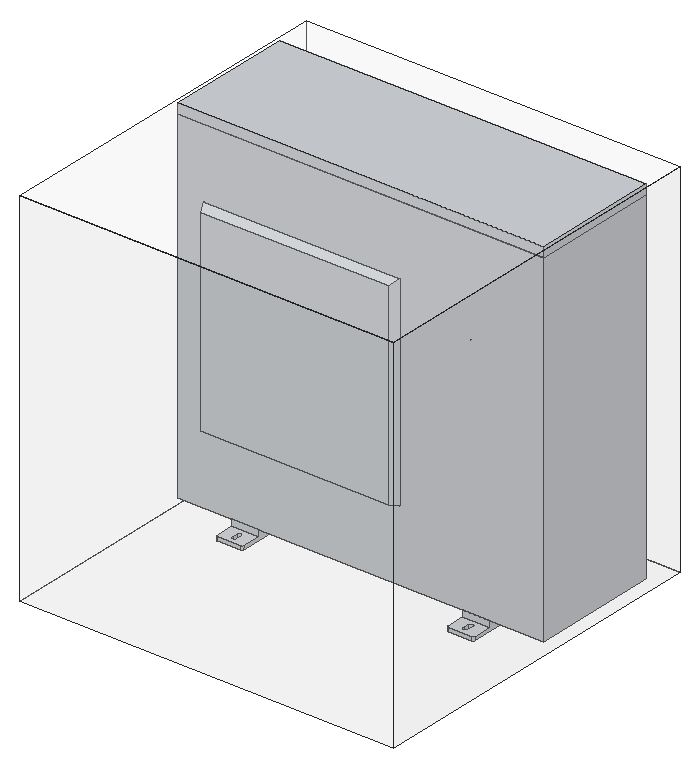
Revit family "puz-zrmp80hka15_280KA5_60hz", category 機械設備, Revit 2019 (continued)
Definition of nested family "PUZ-EZRMP-2"
  Automatic sketch dimensions
    curve 52 to plane 50 = 0 mm
    curve 51 to plane 50 = 0 mm
    curve 50 to plane 50 = 0 mm
    curve 49 to plane 50 = 0 mm
    curve 48 to plane 50 = 0 mm
    curve 47 to plane 50 = 0 mm
    curve 46 to plane 50 = 0 mm
    curve 45 to plane 50 = 0 mm
    curve 44 to plane 50 = 0 mm
    curve 43 to plane 50 = 0 mm
    curve 42 to plane 50 = 0 mm
    curve 41 to plane 50 = 0 mm
    curve 27 to plane 50 = 0 mm
    curve 28 to plane 50 = 0 mm
    curve 40 to plane 50 = 0 mm
    curve 39 to plane 50 = 0 mm
    curve 29 to plane 50 = 0 mm
    curve 38 to plane 50 = 0 mm
    curve 30 to plane 50 = 0 mm
    curve 53 to plane 50 = 0 mm
    curve 31 to plane 50 = 0 mm
    curve 36 to plane 50 = 0 mm
    curve 32 to plane 50 = 0 mm
    curve 35 to plane 50 = 0 mm
    curve 33 to plane 50 = 0 mm
    curve 34 to plane 50 = 0 mm
    curve 28 to plane 49 = 0 mm
    curve 41 to plane 49 = 0 mm
    curve 27 to plane 49 = 0 mm
    curve 42 to plane 49 = 0 mm
    curve 31 to plane 49 = 0 mm
    curve 40 to plane 49 = 0 mm
    curve 37 to plane 49 = 0 mm
    curve 39 to plane 49 = 0 mm
    curve 32 to plane 49 = 0 mm
    curve 45 to plane 49 = 0 mm
    curve 36 to plane 49 = 0 mm
    curve 46 to plane 49 = 0 mm
    curve 43 to plane 49 = 0 mm
    curve 47 to plane 49 = 0 mm
    curve 29 to plane 49 = 0 mm
    curve 48 to plane 49 = 0 mm
    curve 30 to plane 49 = 0 mm
    curve 49 to plane 49 = 0 mm
    curve 44 to plane 49 = 0 mm
    curve 50 to plane 49 = 0 mm
    curve 33 to plane 49 = 0 mm
    curve 51 to plane 49 = 0 mm
    curve 35 to plane 49 = 0 mm
    curve 52 to plane 49 = 0 mm
    curve 38 to plane 49 = 0 mm
    curve 53 to plane 49 = 0 mm
    curve 34 to plane 49 = 0 mm
    Extrusion 9 sketch curve to plane 18 = 0 mm  (x2)
    plane 8 to Extrusion 9 sketch curve = 0 mm
    plane 23 to Extrusion 9 sketch curve = 0 mm
    plane 22 to Extrusion 9 sketch curve = 0 mm  (x3)
    plane 16 to Extrusion 9 sketch curve = 0 mm  (x3)
    plane 17 to Extrusion 9 sketch curve = 0 mm  (x2)
    Extrusion 9 sketch curve to plane 15 = 0 mm  (x2)
    Extrusion 9 sketch curve to plane 19 = 0 mm  (x2)
    Extrusion 9 sketch curve to plane 14 = 0 mm  (x2)
    plane 7 to Extrusion 9 sketch curve = 0 mm
    Extrusion 9 sketch curve to Extrusion 9 sketch curve = 5 mm
    plane 15 to Extrusion 9 sketch curve = 6 mm  (x2)
    plane 19 to Extrusion 9 sketch curve = 5 mm
    Extrusion 9 sketch curve to plane 20 = 5 mm
    plane 14 to Extrusion 9 sketch curve = 6 mm  (x2)
    plane 21 to Extrusion 9 sketch curve = 5 mm
    plane 40 to Masking region 1 sketch curve = 0 mm
    plane 8 to Masking region 1 sketch curve = 0 mm  (x2)
    plane 7 to Masking region 1 sketch curve = 0 mm  (x2)
    curve 301 to plane 6 = 0 mm
    plane 52 to curve 8 = 0 mm
    plane 7 to curve 303 = 0 mm
    curve 304 to plane 18 = 0 mm
    curve 299 to plane 18 = 0 mm
    plane 8 to curve 297 = 0 mm
    curve 305 to plane 19 = 0 mm
    curve 298 to plane 19 = 0 mm
    curve 296 to plane 43 = 0 mm
    curve 295 to plane 48 = 0 mm
    curve 308 to plane 20 = 0 mm
    curve 291 to plane 21 = 11.98 mm
    curve 309 to plane 21 = 0 mm
    curve 290 to plane 47 = 0 mm
    curve 290 to plane 44 = 0 mm
    curve 288 to plane 5 = 0 mm
    plane 22 to curve 304 = 0 mm
    plane 22 to curve 308 = 0 mm
    plane 23 to curve 293 = 0 mm
    plane 23 to curve 298 = 0 mm
    curve 20 to plane 54 = 9 mm
    plane 66 to curve 316 = 4.5 mm
    curve 11 to plane 30 = 5 mm
    curve 11 to plane 66 = 10.5 mm
    curve 8 to curve 5 = 0 mm
    curve 12 to curve 6 = 0 mm
    curve 303 to plane 59 = 17.452 mm
    plane 15 to curve 297 = 2.486 mm
    curve 287 to plane 21 = 16.899 mm
    plane 47 to curve 297 = 22.809 mm
    plane 47 to curve 2 = 2 mm
    plane 31 to curve 9 = 5 mm
    curve 9 to curve 4 = 0 mm
    curve 16 to plane 47 = 13 mm
    plane 40 to Extrusion 9 sketch curve = 10 mm  (x2)
    curve 294 to plane 20 = 0 mm
    curve 293 to plane 21 = 0 mm
    plane 40 to curve 294 = 0 mm
    plane 47 to curve 1 = 2 mm
    curve 16 to curve 325 = 15 mm
Definition of nested family "固定点"
  Parameters (values of type "固定点")
    中心円 = if(W > 599 mm, 12 mm, 10 mm)  # 12 mm
    W = 1000 mm
    D = 1000 mm
  Reference planes
    plane 1 "中心(正面/背面)": y = 0
    plane 2: z = 0
    plane 3 "中心(左/右)": x = 0
    plane 4: x = 1000
    plane 5: y = 1000
  Lines and regions (mm)
    symbolic lines, detail levels fine
      curve 1: circle (0, 1000, 0) r 6 normal (0, 0, 1)
      curve 2: circle (0, 0, 0) r 6 normal (0, 0, 1)
      curve 3: circle (1000, 1000, 0) r 6 normal (0, 0, 1)
      curve 4: circle (1000, 0, 0) r 6 normal (0, 0, 1)
      curve 5: line (-200, 1000, 0) -> (1200, 1000, 0)
      curve 6: line (-200, 0, 0) -> (1200, 0, 0)
      curve 7: line (0, 1200, 0) -> (0, -200, 0)
      curve 8: line (1000, 1200, 0) -> (1000, -200, 0)
  Dimensions and locks
    "W": plane 3 "中心(左/右)" to plane 4
    "D": plane 1 "中心(正面/背面)" to plane 5
    "中心円": diameter of curve 1
    "中心円": diameter of curve 2
    "中心円": diameter of curve 3
    "中心円": diameter of curve 4
    aligned and locked: level to plane 2
    aligned and locked: plane 5 to curve 1
    aligned and locked: plane 3 "中心(左/右)" to curve 1
    aligned and locked: plane 3 "中心(左/右)" to curve 2
    aligned and locked: plane 1 "中心(正面/背面)" to curve 2
    aligned and locked: plane 4 to curve 3
    aligned and locked: plane 5 to curve 3
    aligned and locked: plane 1 "中心(正面/背面)" to curve 4
    aligned and locked: plane 4 to curve 4
    aligned and locked: plane 1 "中心(正面/背面)" to curve 6
    aligned and locked: curve 7 to plane 3 "中心(左/右)"
    aligned and locked: curve 8 to plane 4
  Automatic sketch dimensions
    curve 5 to plane 5 = 0 mm
    curve 6 to plane 3 "中心(左/右)" = 200 mm
    curve 5 to plane 3 "中心(左/右)" = 200 mm
    curve 4 to curve 6 = 200 mm
    curve 3 to curve 5 = 200 mm
    plane 1 "中心(正面/背面)" to curve 8 = 200 mm
    plane 1 "中心(正面/背面)" to curve 7 = 200 mm
    curve 3 to curve 8 = 200 mm
    curve 1 to curve 7 = 200 mm
Types (21, lengths in mm): name | 音響パワーレベル_冷房 (dB) | 音響パワーレベル_暖房 (dB) | 音響パワーレベル(dB) | 電源位置Z | 電源位置X | 電動機出力_送風機 | 電動機出力_圧縮機 | 質量 | 製品質量 | 相 | 消費電力_暖房 | 消費電力_冷房 | 消費電力 | 構成品番 | 極数 | 最小電線太さ_mm2 | 暖房能力 | 推奨ブレーカー容量 | 形名 | ドレン　位置Y | ドレン　位置X | 冷房能力 | 冷媒管（ガス）位置X | 冷媒管（液）位置X | 冷媒管（ガス）位置Y | 冷媒管径符号 | 冷媒管位置Z | 冷媒管位置Y | 冷媒管位置X | 冷媒液管径 | 冷媒ガス管径 | Width | Height | Clearance Right | Clearance Left | Clearance Front | Clearance Back
  室外機_PUZ-ZRMP80HA15 | 66 | 68 | 68 | 669 | 275 | 0.06 kW | 1.6 kW | 79.20 kg | 66.00 kg | 3 | 2.22 kW | 1.93 kW | 2.22 kW | "PUZ-ZRMP80HA15" | 3 | 3.5 | 8 kW | 20 A | PUZ-EZRMP-2 : PUZ-EZRMP-2-2 | 111 | 30 | 7.1 kW | 434 | 377 | 269 | "Bd" | 447 | 279.5 | 405.5 | 9.52 | 15.88 | 950 | 943 | 10 | 10 | 500 | 100
  室外機_PUZ-ZRMP80SHA15 | 66 | 68 | 68 | 669 | 275 | 0.06 kW | 1.6 kW | 84.00 kg | 70.00 kg | 1 | 2.34 kW | 1.98 kW | 2.34 kW | "PUZ-ZRMP80SHA15" | 1 | 3.5 | 8 kW | 30 A | PUZ-EZRMP-2 : PUZ-EZRMP-2-2 | 111 | 30 | 7.1 kW | 434 | 377 | 229 | "Bd" | 447 | 259.5 | 405.5 | 9.52 | 15.88 | 950 | 943 | 10 | 10 | 500 | 100
  室外機_PUZ-ZRMP112KA15 | 68 | 70 | 70 | 1063 | 325 | 0.12 kW | 2.1 kW | 118.80 kg | 99.00 kg | 3 | 2.67 kW | 2.43 kW | 2.67 kW | "PUZ-ZRMP112KA15" | 3 | 5.5 | 11.2 kW | 30 A | PUZ-EZRMP-3 : PUZ-EZRMP3-1 | 176 | 45 | 10 kW | 483 | 423 | 274 | "Bd" | 450 | 282 | 453 | 9.52 | 15.88 | 1050 | 1338 | 15 | 15 | 500 | 150
  室外機_PUZ-ZRMP140KA15 | 68 | 71 | 71 | 1063 | 325 | 0.12 kW | 2.8 kW | 118.80 kg | 99.00 kg | 3 | 3.72 kW | 3.61 kW | 3.72 kW | "PUZ-ZRMP140KA15" | 3 | 5.5 | 14 kW | 30 A | PUZ-EZRMP-3 : PUZ-EZRMP3-1 | 176 | 45 | 12.5 kW | 483 | 423 | 274 | "Bd" | 450 | 282 | 453 | 9.52 | 15.88 | 1050 | 1338 | 15 | 15 | 500 | 150
  室外機_PUZ-ZRMP160KA15 | 70 | 73 | 73 | 1063 | 325 | 0.12 kW | 3.3 kW | 118.80 kg | 99.00 kg | 3 | 4.5 kW | 4.6 kW | 4.6 kW | "PUZ-ZRMP160KA15" | 3 | 5.5 | 16 kW | 30 A | PUZ-EZRMP-3 : PUZ-EZRMP3-1 | 176 | 45 | 14 kW | 483 | 423 | 274 | "Bd" | 450 | 282 | 453 | 9.52 | 15.88 | 1050 | 1338 | 15 | 15 | 500 | 150
  室外機_PUZ-ZRMP224KA5 | 79 | 81 | 81 | 1063 | 325 | 0.3 kW | 4.6 kW | 156.00 kg | 130.00 kg | 3 | 5.66 kW | 6.07 kW | 6.07 kW | "PUZ-ZRMP224KA5" | 3 | 8 | 22.4 kW | 40 A | PUZ-EZRMP-3 : PUZ-EZRMP3-2 | 176 | 45 | 20 kW | 479 | 423 | 276 | "Bg" | 450 | 283 | 451 | 9.52 | 25.40 | 1050 | 1338 | 15 | 15 | 1000 | 150
  室外機_PUZ-ZRMP280KA5 | 79 | 81 | 81 | 1063 | 325 | 0.4 kW | 5.7 kW | 160.80 kg | 134.00 kg | 3 | 8.14 kW | 9.2 kW | 9.2 kW | "PUZ-ZRMP280KA5" | 3 | 14 | 28 kW | 50 A | PUZ-EZRMP-3 : PUZ-EZRMP3-3 | 176 | 45 | 25 kW | 479 | 423 | 276 | "Cg" | 424 | 283 | 451 | 12.70 | 25.40 | 1050 | 1338 | 15 | 15 | 1000 | 150
  室外機_PUZ-ZRMP80SHA15-BS | 66 | 68 | 68 | 669 | 275 | 0.06 kW | 1.6 kW | 84.00 kg | 70.00 kg | 1 | 2.34 kW | 1.98 kW | 2.34 kW | "PUZ-ZRMP80SHA15-BS" | 1 | 3.5 | 8 kW | 30 A | PUZ-EZRMP-2 : PUZ-EZRMP-2-2 | 111 | 30 | 7.1 kW | 434 | 377 | 229 | "Bd" | 447 | 259.5 | 405.5 | 9.52 | 15.88 | 950 | 943 | 10 | 10 | 500 | 100
  室外機_PUZ-ZRMP80SHA15-BSG | 66 | 68 | 68 | 669 | 275 | 0.06 kW | 1.6 kW | 84.00 kg | 70.00 kg | 1 | 2.34 kW | 1.98 kW | 2.34 kW | "PUZ-ZRMP80SHA15-BSG" | 1 | 3.5 | 8 kW | 30 A | PUZ-EZRMP-2 : PUZ-EZRMP-2-2 | 111 | 30 | 7.1 kW | 434 | 377 | 229 | "Bd" | 447 | 259.5 | 405.5 | 9.52 | 15.88 | 950 | 943 | 10 | 10 | 500 | 100
  室外機_PUZ-ZRMP80HA15-BS | 66 | 68 | 68 | 669 | 275 | 0.06 kW | 1.6 kW | 79.20 kg | 66.00 kg | 3 | 2.22 kW | 1.93 kW | 2.22 kW | "PUZ-ZRMP80HA15-BS" | 3 | 3.5 | 8 kW | 20 A | PUZ-EZRMP-2 : PUZ-EZRMP-2-2 | 111 | 30 | 7.1 kW | 434 | 377 | 269 | "Bd" | 447 | 279.5 | 405.5 | 9.52 | 15.88 | 950 | 943 | 10 | 10 | 500 | 100
  室外機_PUZ-ZRMP80HA15-BSG | 66 | 68 | 68 | 669 | 275 | 0.06 kW | 1.6 kW | 79.20 kg | 66.00 kg | 3 | 2.22 kW | 1.93 kW | 2.22 kW | "PUZ-ZRMP80HA15-BSG" | 3 | 3.5 | 8 kW | 20 A | PUZ-EZRMP-2 : PUZ-EZRMP-2-2 | 111 | 30 | 7.1 kW | 434 | 377 | 269 | "Bd" | 447 | 279.5 | 405.5 | 9.52 | 15.88 | 950 | 943 | 10 | 10 | 500 | 100
  室外機_PUZ-ZRMP280KA5-BS | 79 | 81 | 81 | 1063 | 325 | 0.4 kW | 5.7 kW | 160.80 kg | 134.00 kg | 3 | 8.14 kW | 9.2 kW | 9.2 kW | "PUZ-ZRMP280KA5-BS" | 3 | 14 | 28 kW | 50 A | PUZ-EZRMP-3 : PUZ-EZRMP3-3 | 176 | 45 | 25 kW | 479 | 423 | 276 | "Cg" | 424 | 283 | 451 | 12.70 | 25.40 | 1050 | 1338 | 15 | 15 | 1000 | 150
  室外機_PUZ-ZRMP280KA5-BSG | 79 | 81 | 81 | 1063 | 325 | 0.4 kW | 5.7 kW | 160.80 kg | 134.00 kg | 3 | 8.14 kW | 9.2 kW | 9.2 kW | "PUZ-ZRMP280KA5-BSG" | 3 | 14 | 28 kW | 50 A | PUZ-EZRMP-3 : PUZ-EZRMP3-3 | 176 | 45 | 25 kW | 479 | 423 | 276 | "Cg" | 424 | 283 | 451 | 12.70 | 25.40 | 1050 | 1338 | 15 | 15 | 1000 | 150
  室外機_PUZ-ZRMP224KA5-BS | 79 | 81 | 81 | 1063 | 325 | 0.3 kW | 4.6 kW | 156.00 kg | 130.00 kg | 3 | 5.66 kW | 6.07 kW | 6.07 kW | "PUZ-ZRMP224KA5-BS" | 3 | 8 | 22.4 kW | 40 A | PUZ-EZRMP-3 : PUZ-EZRMP3-2 | 176 | 45 | 20 kW | 479 | 423 | 276 | "Bg" | 450 | 283 | 451 | 9.52 | 25.40 | 1050 | 1338 | 15 | 15 | 1000 | 150
  室外機_PUZ-ZRMP224KA5-BSG | 79 | 81 | 81 | 1063 | 325 | 0.3 kW | 4.6 kW | 156.00 kg | 130.00 kg | 3 | 5.66 kW | 6.07 kW | 6.07 kW | "PUZ-ZRMP224KA5-BSG" | 3 | 8 | 22.4 kW | 40 A | PUZ-EZRMP-3 : PUZ-EZRMP3-2 | 176 | 45 | 20 kW | 479 | 423 | 276 | "Bg" | 450 | 283 | 451 | 9.52 | 25.40 | 1050 | 1338 | 15 | 15 | 1000 | 150
  室外機_PUZ-ZRMP160KA15-BS | 70 | 73 | 73 | 1063 | 325 | 0.12 kW | 3.3 kW | 118.80 kg | 99.00 kg | 3 | 4.5 kW | 4.6 kW | 4.6 kW | "PUZ-ZRMP160KA15-BS" | 3 | 5.5 | 16 kW | 30 A | PUZ-EZRMP-3 : PUZ-EZRMP3-1 | 176 | 45 | 14 kW | 483 | 423 | 274 | "Bd" | 450 | 282 | 453 | 9.52 | 15.88 | 1050 | 1338 | 15 | 15 | 500 | 150
  室外機_PUZ-ZRMP160KA15-BSG | 70 | 73 | 73 | 1063 | 325 | 0.12 kW | 3.3 kW | 118.80 kg | 99.00 kg | 3 | 4.5 kW | 4.6 kW | 4.6 kW | "PUZ-ZRMP160KA15-BSG" | 3 | 5.5 | 16 kW | 30 A | PUZ-EZRMP-3 : PUZ-EZRMP3-1 | 176 | 45 | 14 kW | 483 | 423 | 274 | "Bd" | 450 | 282 | 453 | 9.52 | 15.88 | 1050 | 1338 | 15 | 15 | 500 | 150
  室外機_PUZ-ZRMP140KA15-BS | 68 | 71 | 71 | 1063 | 325 | 0.12 kW | 2.8 kW | 118.80 kg | 99.00 kg | 3 | 3.72 kW | 3.61 kW | 3.72 kW | "PUZ-ZRMP140KA15-BS" | 3 | 5.5 | 14 kW | 30 A | PUZ-EZRMP-3 : PUZ-EZRMP3-1 | 176 | 45 | 12.5 kW | 483 | 423 | 274 | "Bd" | 450 | 282 | 453 | 9.52 | 15.88 | 1050 | 1338 | 15 | 15 | 500 | 150
  室外機_PUZ-ZRMP140KA15-BSG | 68 | 71 | 71 | 1063 | 325 | 0.12 kW | 2.8 kW | 118.80 kg | 99.00 kg | 3 | 3.72 kW | 3.61 kW | 3.72 kW | "PUZ-ZRMP140KA15-BSG" | 3 | 5.5 | 14 kW | 30 A | PUZ-EZRMP-3 : PUZ-EZRMP3-1 | 176 | 45 | 12.5 kW | 483 | 423 | 274 | "Bd" | 450 | 282 | 453 | 9.52 | 15.88 | 1050 | 1338 | 15 | 15 | 500 | 150
  室外機_PUZ-ZRMP112KA15-BS | 68 | 70 | 70 | 1063 | 325 | 0.12 kW | 2.1 kW | 118.80 kg | 99.00 kg | 3 | 2.67 kW | 2.43 kW | 2.67 kW | "PUZ-ZRMP112KA15-BS" | 3 | 5.5 | 11.2 kW | 30 A | PUZ-EZRMP-3 : PUZ-EZRMP3-1 | 176 | 45 | 10 kW | 483 | 423 | 274 | "Bd" | 450 | 282 | 453 | 9.52 | 15.88 | 1050 | 1338 | 15 | 15 | 500 | 150
  室外機_PUZ-ZRMP112KA15-BSG | 68 | 70 | 70 | 1063 | 325 | 0.12 kW | 2.1 kW | 118.80 kg | 99.00 kg | 3 | 2.67 kW | 2.43 kW | 2.67 kW | "PUZ-ZRMP112KA15-BSG" | 3 | 5.5 | 11.2 kW | 30 A | PUZ-EZRMP-3 : PUZ-EZRMP3-1 | 176 | 45 | 10 kW | 483 | 423 | 274 | "Bd" | 450 | 282 | 453 | 9.52 | 15.88 | 1050 | 1338 | 15 | 15 | 500 | 150
